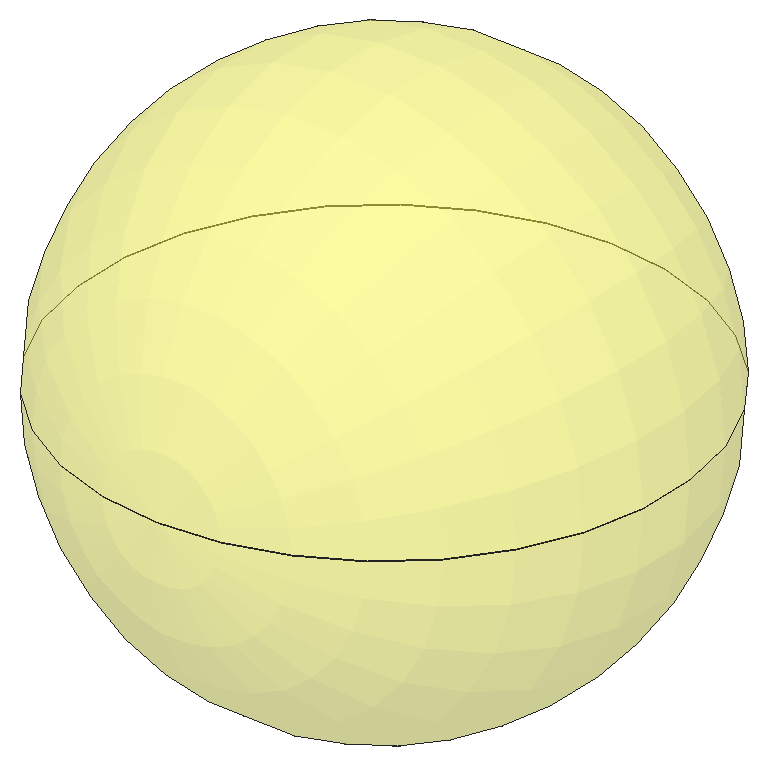
Revit family "ClashPoint_Small", category Обобщенные модели, Revit 2024
Family settings
  Может служить основой для арматурных стержней = Нет
  Размер круглого соединителя = Использовать диаметр
  Тип детали = Нормальный
  На основе рабочей плоскости = Нет
  Всегда вертикально = Да
  При загрузке вырезать с полостями = Нет
  Сохранять ориентацию аннотаций = Нет
  Общий = Нет
  Точка принадлежности помещению = Нет
Parameters (values of type "ClashPoint")
  Отметка по умолчанию = 0 mm
  Комментарии к типоразмеру = "ClashPoint"  # constant formula
  Ключевая пометка = "SYS"  # constant formula
  КП_Р_Диаметр [instance] = 600 mm
  КП_О_Версия семейства = "1.1"  # constant formula
  КП_О_Версия Revit = "2023"  # constant formula
  Модель = "Navisworks"  # constant formula
  АК_Создатель [instance] = ""
  АК_Координаты [instance] = ""
  АК_Дата [instance] = ""
  АК_ID_Элемент коллизии №2 [instance] = ""
  АК_ID_Элемент коллизии №1 [instance] = ""
  АК_ID_Экземпляр связи в модели [instance] = ""
Reference planes
  plane 1 "По центру (Вперед/Назад)": y = 0
  plane 2: z = 0
  plane 3 "По центру (Влево/Вправо)": x = 0
Forms (mm)
  Revolve 1, solid, material "NavisWorks_ClashObject"
    sketch origin (0, 0, 0) x (1, 0, 0) y (0, 1, 0)
      loop
        arc (0, 300) -> (-300, 0) -> (0, -300) r 300
        line (0, -300) -> (0, 300)
      axis (0, 300) -> (0, -300)
    angle from 0 to 360
Lines and regions (mm)
  model lines, style "NavisWorks_ClashPoint"
    curve 1: circle (0, 0, 0) r 300 normal (0, 0, 1)
    curve 2: circle (0, 0, 0) r 300 normal (0, -1, 0)
    curve 3: circle (0, 0, 0) r 300 normal (1, 0, 0)
    curve 4: line (0, -600, 0) -> (0, 600, 0)
    curve 5: line (-600, 0, 0) -> (600, 0, 0)
    curve 6: line (0, 0, -600) -> (0, 0, 600)
Dimensions and locks
  "КП_Р_Диаметр": plane 3 "По центру (Влево/Вправо)" to curve 5
  "КП_Р_Диаметр": curve 5 to plane 3 "По центру (Влево/Вправо)"
  "КП_Р_Диаметр": plane 1 "По центру (Вперед/Назад)" to curve 4
  "КП_Р_Диаметр": curve 4 to plane 1 "По центру (Вперед/Назад)"
  "КП_Р_Диаметр": curve 6 to level
  "КП_Р_Диаметр": level to curve 6
  "КП_Р_Диаметр": diameter of Revolve 1 sketch curve
  "КП_Р_Диаметр": diameter of curve 1
  "КП_Р_Диаметр": diameter of curve 2
  "КП_Р_Диаметр": diameter of curve 3
  aligned and locked: level to plane 2
Automatic sketch dimensions
  curve 3 to level = 0 mm
  curve 3 to plane 1 "По центру (Вперед/Назад)" = 0 mm
  plane 3 "По центру (Влево/Вправо)" to curve 6 = 0 mm
  curve 2 to level = 0 mm
  curve 2 to plane 3 "По центру (Влево/Вправо)" = 0 mm
  curve 4 to plane 3 "По центру (Влево/Вправо)" = 0 mm
  plane 1 "По центру (Вперед/Назад)" to curve 1 = 0 mm
  curve 1 to plane 3 "По центру (Влево/Вправо)" = 0 mm
  plane 1 "По центру (Вперед/Назад)" to curve 5 = 0 mm
  Revolve 1 sketch curve to plane 3 "По центру (Влево/Вправо)" = 0 mm  (x2)
  plane 1 "По центру (Вперед/Назад)" to Revolve 1 sketch curve = 0 mm
  Revolve 1 sketch curve to Revolve 1 sketch curve = 200 mm  (x2)
